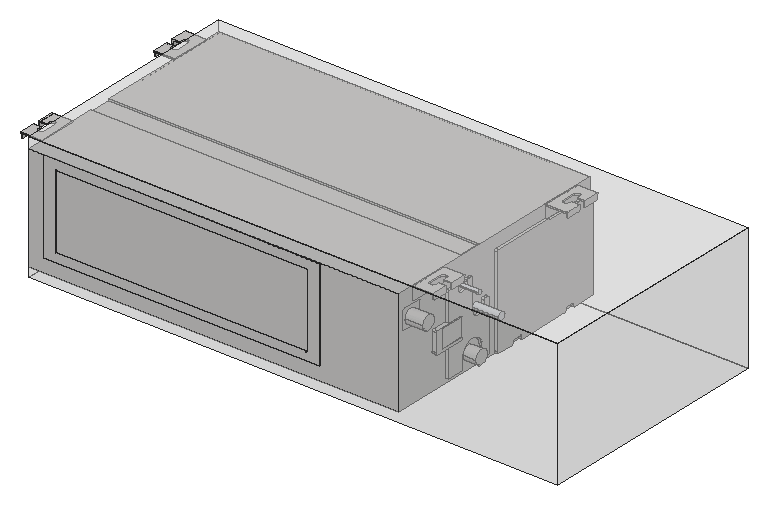
Revit family "outputfile", category 機械設備, Revit 2024
Family settings
  丸型コネクタ寸法 = 半径を使用
  パーツ タイプ = 標準
  OmniClass 番号 = 23.75.10.24.21.27.27
  OmniClass タイトル = Split System Air Conditioning Units
  作業面ベース = いいえ
  常に垂直 = はい
  ロード時にボイドで切り取り = いいえ
  注釈の向きを維持 = いいえ
  共有 = いいえ
  部屋計算ポイント = はい
Parameters (values of type "FPDSQ40APVM")
  Description = ""
  製造元 = "Daikin"
  書き出し IFC クラス(タイプ) = "IfcUnitaryEquipmentType"
  定義済み IFC タイプ(タイプ) = "AIRCONDITIONINGUNIT"
  Cost = 0
  モデル = "FPDSQ40APVM"
  Type Comments = ""
  Keynote = ""
  Type Image = (empty or 0)
  Assembly Code = ""
  lw_suctionflange = 36.75 mm  # constant formula
  r_Liquid Pipe Size = Liquid Pipe Size / 2  # 3.2 mm
  r_Gas Pipe Size = Gas Pipe Size / 2  # 6.35 mm
  r_Drain Pipe Size = Drain Pipe Size / 2  # 13.0 mm
  lw_dischargeflange = 60.0 mm  # constant formula
  lw_SA_left = 351.0 mm
  lw_SA = Width - 178.0 mm  # 522.0 mm
  lw_RA = 624.5 mm
  lh_suctionflange [instance] = if(Rear Connection_Return Air, -100.0 mm, -10.0 mm)  # -100.0 mm
  lh_power = 100.0 mm  # constant formula
  lh_mountinghole1 = lh_mountinghole  # 200.0 mm
  lh_dischargeflange = 112.0 mm  # constant formula
  lh_RA = 198.0 mm  # constant formula
  ld_dischargeflange = 225.0 mm  # constant formula
  ld_suctionflange [instance] = if(Rear Connection_Return Air, 190.0 mm, 100.0 mm)  # 190.0 mm
  angle_vertical_RA [instance] = if(Rear Connection_Return Air, 90.00°, 0.00°)  # 90.00°
  angle horizontal_RA [instance] = if(Rear Connection_Return Air, 180.00°, 270.00°)  # 180.00°
  Voltage_comment_60Hz = "220-230"
  Voltage_comment_50Hz = "220 - 240"
  Voltage_60Hz = 220 V
  Voltage_50Hz = 230 V
  URL = ""
  Supply Air Direction [instance] = yes
  Sound Power Level_H speed (dB) = 0
  Rear Connection_Return Air [instance] = not(Bottom Connection_Return Air)  # yes
  ld_RA = 190.0 mm  # constant formula
  Phase_60Hz = 1
  Phase_50Hz = 1
  Minimum External Static Pressure = 0.00 Pa
  Minimum Circuit Amps_60Hz = 0.6 A
  Minimum Circuit Amps_50Hz = 0.6 A
  Maximum Fuse Amps_60Hz = 16.0 A
  Maximum Fuse Amps_50Hz = 16.0 A
  Maximum External Static Pressure = 10.00 Pa
  Material_Casing = DAIKIN_GalvanizedSteel_Casing_indoorunit
  lw_mountinghole = 740.0 mm
  lh_gaspipe = -98.0 mm  # constant formula
  lh_mountinghole = 200.0 mm  # constant formula
  lh_liquidpipe = -45.5 mm  # constant formula
  lh_drainpipe = -50.0 mm  # constant formula
  lh_antena = 1.0 mm  # constant formula
  ld_drainpipe = 197.0 mm  # constant formula
  ld_liquidpipe = 84.0 mm  # constant formula
  ld_gaspipe = 46.5 mm  # constant formula
  ld_mountinghole = 315.0 mm  # constant formula
  h*** = 100.0 mm  # constant formula
  lw_liquidpipe = 40.0 mm  # constant formula
  lw_gaspipe = 51.0 mm  # constant formula
  lw_drainpipe = 33.0 mm  # constant formula
  Width = 700.0 mm
  Version = "ver.1.0"
  Unit Type = "Intelligent 3D Air Flow Ceiling Mounted Duct Type"
  Unit Mass Weight = 17.00 kg
  Unit Designation [instance] = ""
  Uniclass2015Version = "Products v1.30"
  Uniclass2015Title = "Variable refrigerant flow units"
  Uniclass2015Code = "Pr_70_65_03_94"
  Total Cooling Capacity [instance] = 0.000 kW
  Sound Pressure Level_M speed (dBA) = 35
  Sound Pressure Level_L speed (dBA) = 31
  Sound Pressure Level_H speed (dBA) = 39
  Series = "VRV HOME_Fan Coil Unit"
  Sensible Cooling Capacity [instance] = 0.000 kW
  SA Duct Size Width = 456.0 mm
  SA Duct Size Height = 141.0 mm
  Refrigerant Type = "R410A"
  RA Duct Size Width = 598.5 mm
  RA Duct Size Height = 172.0 mm
  Power Input (Cooling) = 0.049 kW
  Option Accessory 3 [instance] = ""
  Option Accessory 2 [instance] = ""
  Option Accessory 1 [instance] = ""
  Nominal Cooling Capacity = 4.500 kW
  Minimum Airflow = 540.00 m³/h
  Median Airflow = 630.00 m³/h
  Maximum Airflow = 720.00 m³/h
  Load Classification = HVAC
  Liquid Pipe Size = 6.4 mm
  Link_Nested Family [instance] = ""
  IfcVersion = ""
  IfcExportType = "AIRCONDITIONINGUNIT"
  IfcExportAs = "IfcUnitaryEquipmentType"
  Height = 200.0 mm
  Heat Exchanger Type = "Cross Fin Coil"
  Gas Pipe Size = 12.7 mm
  Frequency_60Hz = 60 Hz
  Frequency_50Hz = 50 Hz
  Fan Type = "Sirocco Fan"
  Fan Drive = "Direct Drive"
  FCU Tag No. [instance] = ""
  Drain Pipe Size = 26.0 mm
  Design Supply Airflow [instance] = 0.00 m³/h
  Design Return Airflow [instance] = 0.00 m³/h
  Design External Static Pressure [instance] = 0.00 Pa
  Depth = 450.0 mm
  既定の高さ = 0.0 mm
  Cooling Entering Wet Bulb Temperature [instance] = 0.00 °C
  Cooling Entering Dry Bulb Temperature [instance] = 0.00 °C
  Cooling Ambient Wet Bulb Temperature [instance] = 0.00 °C
  Cooling Ambient Dry Bulb Temperature [instance] = 0.00 °C
  Clearance visibility [instance] = yes
  Clearance Top = 20.0 mm
  Clearance Right = 300.0 mm
  Clearance Rear = 0.0 mm
  Clearance Left = 0.0 mm
  Clearance Front = 0.0 mm
  Clearance Bottom = 20.0 mm
  Bottom Connection_Return Air [instance] = no
  left_pipe = no
Reference planes
  plane 1 "Center (Front/Back)": y = 0
  plane 2 "h": z = 0
  plane 3 "Center (Left/Right)": x = 0
  plane 4 "Back": y = 225
  plane 5 "Front": y = -225
  plane 6 "Left": x = -350
  plane 7 "Reight": x = 350
  plane 8 "Top": z = 0
  plane 9 "Bottom": z = -200
  plane 10: z = 1.2
  plane 11: z = -2
  plane 12: y = -136.255
  plane 13: z = -130.998
  plane 14: y = -88.831
  plane 15: x = -370
  plane 16 "lh_mountinghole": z = 0
  plane 17: y = -197
  plane 18: z = -50
  plane 19: y = -157.5
  plane 20: y = 157.5
  plane 21 "ld_liquidpipe": y = -84
  plane 22 "ld_gaspipe": y = -46.5
  plane 23: y = -215
  plane 24 "ld_maintenacesocket": y = -197
  plane 25: x = -370
  plane 26: x = -350
  plane 27: x = 348.7
  plane 28: x = 383
  plane 29: x = 357
  plane 30: x = 360
  plane 31: x = 358
  plane 32: x = 370
  plane 33: y = -62
  plane 34: x = 375.5
  plane 35: x = 348
  plane 36: y = 225
  plane 37: y = -225
  plane 38: x = -350
  plane 39: x = 650
  plane 40: z = 20
  plane 41: z = -220
  plane 42: y = 250
  plane 43: z = -198
  plane 44: z = 205.102
  plane 45 "d_liquid_pipe": x = 390
  plane 46 "d_gas_pipe": x = 401
  plane 47 "ld_SA": y = -225
  plane 48: x = -350
  plane 49: x = -60
  plane 50: y = 415
  plane 51: z = -88
  plane 52: z = -189.5
  plane 53: x = -349
  plane 54: z = -199
  plane 55: z = -1
  plane 56: y = 35
  plane 57: y = 25
  plane 58: z = -10
  plane 59 "RA_width": x = -36.75
  plane 60: y = 125
  plane 61 "RA_depth": y = 35
  plane 62: z = -100
  plane 63: x = -349
  plane 64: y = 224
  plane 65: x = 242.57
  plane 66: z = -31.16
  plane 67: x = 302
  plane 68: y = 158.8
  plane 69 "h86.5": z = -113.5
  plane 70: y = 111
Forms (mm)
  Extrusion 1, solid, material "DAIKIN_GalvanizedSteel_Casing_indoorunit" <- "Material_Casing"
    sketch origin (0, 0, 0) x (1, 0, 0) y (0, 1, 0)
      loop
        line (-350, 225) -> (-350, -225) -> (350, -225) -> (350, 225) -> (-350, 225)
    from -200 to 0
  Extrusion 2, solid, material "DAIKIN_GalvanizedSteel_Casing_indoorunit" <- "Material_Casing"
    sketch origin (0, 0.312, 0) x (0, 1, 0) y (0, 0, 1)
      loop
        line (182.791, -198) -> (224.688, -198) -> (224.688, -22.445) -> (195.656, -22.445) -> (192.165, -25.937) -> (122.336, -25.937) -> (118.844, -22.445) -> (1.633, -22.445)
        arc (1.633, -22.445) -> (-0.483, -23.322) -> (-1.36, -25.438) r 2.993
        line (-1.36, -25.438) -> (-1.36, -195.007)
        arc (-1.36, -195.007) -> (-0.483, -197.123) -> (1.633, -198) r 2.993
        line (1.633, -198) -> (31.061, -198)
        arc (31.061, -198) -> (33.177, -197.124) -> (34.053, -195.008) r 2.992
        line (34.053, -195.008) -> (34.053, -188.29)
        arc (34.053, -188.29) -> (35.55, -186.794) -> (37.046, -188.29) r 1.496
        line (37.046, -188.29) -> (37.046, -190.333) -> (52.01, -190.333) -> (52.01, -188.29)
        arc (52.01, -188.29) -> (53.506, -186.794) -> (55.002, -188.29) r 1.496
        line (55.002, -188.29) -> (55.002, -195.007)
        arc (55.002, -195.007) -> (55.879, -197.123) -> (57.995, -198) r 2.993
        line (57.995, -198) -> (155.756, -198)
        arc (155.756, -198) -> (157.872, -197.123) -> (158.749, -195.007) r 2.993
        line (158.749, -195.007) -> (158.749, -188.29)
        arc (158.749, -188.29) -> (160.245, -186.794) -> (161.741, -188.29) r 1.496
        line (161.741, -188.29) -> (161.741, -190.333) -> (176.705, -190.333) -> (176.705, -188.29)
        arc (176.705, -188.29) -> (178.201, -186.794) -> (179.697, -188.29) r 1.496
        line (179.697, -188.29) -> (179.697, -195.005)
        arc (179.697, -195.005) -> (180.571, -197.115) -> (182.682, -197.989) r 2.984
      loop
        arc (-61.313, -42.952) -> (-62.034, -41.571) -> (-63.466, -40.958) r 2.32
        line (-63.466, -40.958) -> (-70.317, -40.958)
        arc (-70.317, -40.958) -> (-71.728, -41.542) -> (-72.313, -42.953) r 1.995
        line (-72.313, -42.953) -> (-72.313, -45.5)
        arc (-72.313, -45.5) -> (-84.313, -57.5) -> (-96.313, -45.5) r 12
        line (-96.313, -45.5) -> (-96.313, -42.953)
        arc (-96.313, -42.953) -> (-96.897, -41.542) -> (-98.308, -40.958) r 1.995
        line (-98.308, -40.958) -> (-115.14, -40.958)
        arc (-115.14, -40.958) -> (-116.551, -41.542) -> (-117.135, -42.953) r 1.995
        line (-117.135, -42.953) -> (-117.135, -189.5) -> (-22.307, -189.5) -> (-22.307, -92.768)
        arc (-22.307, -92.768) -> (-22.891, -91.358) -> (-24.302, -90.773) r 1.995
        line (-24.302, -90.773) -> (-30.318, -90.773)
        arc (-30.318, -90.773) -> (-31.728, -91.358) -> (-32.313, -92.768) r 1.995
        line (-32.313, -92.768) -> (-32.313, -99.963)
        arc (-32.313, -99.963) -> (-47.621, -112.774) -> (-61.313, -98.249) r 14.551
        line (-61.313, -98.249) -> (-61.313, -42.952)
    from 350 to 357
  Extrusion 3, solid, material "DAIKIN_GalvanizedSteel_Casing_indoorunit" <- "Material_Casing"
    sketch origin (0, 0, 0) x (0, 1, 0) y (0, 0, 1)
      loop
        line (-91.821, -94.277) -> (-145.472, -94.277)
        arc (-145.472, -94.277) -> (-147.727, -95.07) -> (-148.682, -97.262) r 2.993
        line (-148.682, -97.262) -> (-148.682, -131.007)
        arc (-148.682, -131.007) -> (-147.871, -133.233) -> (-145.694, -134.172) r 2.993
        line (-145.694, -134.172) -> (-92.043, -134.172)
        arc (-92.043, -134.172) -> (-89.788, -133.378) -> (-88.833, -131.187) r 2.993
        line (-88.833, -131.187) -> (-88.831, -97.148)
        arc (-88.831, -97.148) -> (-89.748, -95.111) -> (-91.821, -94.277) r 2.993
    from 350 to 360
  Extrusion 4, void
    sketch origin (0, 0, 0) x (1, 0, 0) y (0, 1, 0)
      loop
        line (348.7, -35.647) -> (-350, -35.647) -> (-350, -77.912) -> (348.7, -77.912) -> (348.7, -35.647)
    from -2 to 0
  Extrusion 5, void
    sketch origin (0, 0, 0) x (0, 1, 0) y (0, 0, 1)
      loop
        line (-136.255, -95.719) -> (-136.255, -130.724) -> (-88.831, -130.724) -> (-88.831, -95.719) -> (-136.255, -95.719)
    from 358 to 360
  Extrusion 6, void
    sketch origin (0, 0, 29.537) x (0, 1, 0) y (0, 0, 1)
      loop
        arc (-37.558, -199.001) -> (-61.998, -174.561) -> (-86.438, -199.001) r 24.44
        line (-86.438, -199.001) -> (-86.438, -219.037) -> (-37.558, -219.037) -> (-37.558, -199.001)
    from 357 to 350
  Extrusion 7, solid, material "DAIKIN_GalvanizedSteel_Casing_indoorunit" <- "Material_Casing"
    sketch origin (0, 0, 0) x (0, 1, 0) y (0, 0, 1)
      loop
        circle (-62, -170) r 12.968
    from 350 to 375.5
  Extrusion 8, solid, material "DAIKIN_GalvanizedSteel_Casing_indoorunit" <- "Material_Casing"
    sketch origin (0, 0, 0) x (0, 1, 0) y (0, 0, 1)
      loop
        circle (-197, -50) r 13
    from 348 to 383
  Extrusion 9, void
    sketch origin (0, 0, 0) x (0, 1, 0) y (0, 0, 1)
      loop
        arc (-212.961, -29.051) -> (-216.488, -30.512) -> (-217.949, -34.039) r 4.988
        line (-217.949, -34.039) -> (-217.949, -63.961)
        arc (-217.949, -63.961) -> (-216.488, -67.488) -> (-212.961, -68.949) r 4.988
        line (-212.961, -68.949) -> (-181.039, -68.949)
        arc (-181.039, -68.949) -> (-177.512, -67.488) -> (-176.051, -63.961) r 4.988
        line (-176.051, -63.961) -> (-176.051, -34.039)
        arc (-176.051, -34.039) -> (-177.512, -30.512) -> (-181.039, -29.051) r 4.988
        line (-181.039, -29.051) -> (-212.961, -29.051)
    from 348 to 350
  Extrusion 10, solid
    sketch origin (0, 0, 0) x (0, 1, 0) y (0, 0, 1)
      loop
        circle (-84, -45.5) r 3.2
    from 350 to 390
  Extrusion 11, solid
    sketch origin (0, 0, 0) x (0, 1, 0) y (0, 0, 1)
      loop
        circle (-46.5, -98) r 6.35
    from 350 to 401
  Extrusion 12, solid, material "DAIKIN_GalvanizedSteel_Casing_indoorunit" <- "Material_Casing"
    sketch origin (0, 0, 0) x (1, 0, 0) y (0, 1, 0)
      loop
        circle (302, 158.8) r 25
    from -198 to -200
  Extrusion 13, void
    sketch origin (0, 0, 0) x (1, 0, 0) y (0, 0, 1)
      loop
        line (-349, -1) -> (-349, -199) -> (262.5, -199) -> (262.5, -1) -> (-349, -1)
    from -225 to -35
  Extrusion 14, void
    sketch origin (0, 0, 0) x (1, 0, 0) y (0, 1, 0)
      loop
        line (-349, 224) -> (-349, 26) -> (262.5, 26) -> (262.5, 224) -> (-349, 224)
    from -200 to -10
  Extrusion 15, solid, material "DAIKIN_GalvanizedSteel_Casing_indoorunit" <- "Material_Casing", visible <- "Rear Connection_Return Air"
    sketch origin (0, 0, 0) x (1, 0, 0) y (0, 1, 0)
      loop
        line (262.5, 224) -> (-349, 224) -> (-349, 26) -> (262.5, 26) -> (262.5, 224)
    from -200 to -199
  Extrusion 16, solid, material "DAIKIN_GalvanizedSteel_Casing_indoorunit" <- "Material_Casing", visible <- "Bottom Connection_Return Air"
    sketch origin (0, 0, 0) x (1, 0, 0) y (0, 0, 1)
      loop
        line (262.5, -1) -> (-349, -1) -> (-349, -199) -> (262.5, -199) -> (262.5, -1)
    from -225 to -215
  Extrusion 17, void
    sketch origin (-350, 0, 0) x (0, 1, 0) y (0, 0, 1)
      loop
        line (152, -88.5) -> (70, -88.5) -> (70, -138.5) -> (152, -138.5) -> (152, -88.5)
    from 0 to 0.5
  Revolve 18, solid, material "DAIKIN_GalvanizedSteel_Casing_indoorunit" <- "Material_Casing", visible <- "left_pipe"
    sketch origin (0, 0, -113.5) x (0, 1, 0) y (-1, 0, 0)
      loop
        line (111, 349.5) -> (111, 373) -> (103.5, 373) -> (103.5, 359) -> (93.5, 359) -> (93.5, 357.5) -> (90, 357.5) -> (90, 349.5) -> (111, 349.5)
      axis (111, 373) -> (111, 349.5)
    angle from 0 to 360
Cuts and joins
  Extrusion 4, Extrusion 5, Extrusion 9, Extrusion 13, Extrusion 14, Extrusion 17 cuts Extrusion 1
  Extrusion 5 cuts Extrusion 3
  Extrusion 6 cuts Extrusion 2
  Extrusion 13 cuts Extrusion 8
Dimensions and locks
  "Height": plane 8 "Top" to plane 9 "Bottom"
  locked: plane 10 to plane 8 "Top" at 1.2
  locked: plane 8 "Top" to plane 11 at 2
  locked: Extrusion 6 sketch curve to Extrusion 6 sketch curve at 48.881
  locked: Extrusion 6 sketch curve to Extrusion 6 sketch curve at 20.035  (x2)
  equal spacing: plane 19, plane 1 "Center (Front/Back)", plane 20
  "ld_mountinghole": plane 19 to plane 20
  "ld_gaspipe": plane 22 "ld_gaspipe" to plane 1 "Center (Front/Back)"
  "ld_liquidpipe": plane 21 "ld_liquidpipe" to plane 1 "Center (Front/Back)"
  "ld_drainpipe": plane 24 "ld_maintenacesocket" to plane 1 "Center (Front/Back)"
  equal spacing: plane 4 "Back", plane 1 "Center (Front/Back)", plane 5 "Front"
  "Depth": plane 4 "Back" to plane 5 "Front"
  locked: plane 12 to plane 1 "Center (Front/Back)" at 136.255
  locked: plane 12 to plane 14 at 47.425
  locked: plane 14 to plane 1 "Center (Front/Back)" at 88.831
  locked: plane 13 to plane 9 "Bottom" at 69.002
  equal spacing: plane 6 "Left", plane 3 "Center (Left/Right)", plane 7 "Reight"
  "Width": plane 6 "Left" to plane 7 "Reight"
  "lw_drainpipe": plane 7 "Reight" to plane 28
  locked: plane 7 "Reight" to plane 29 at 7
  locked: plane 30 to plane 28 at 23
  locked: plane 31 to plane 28 at 25
  equal spacing: plane 25, plane 3 "Center (Left/Right)", plane 32
  "lw_mountinghole": plane 25 to plane 32
  locked: plane 7 "Reight" to plane 34 at 25.5
  locked: plane 35 to plane 7 "Reight" at 2
  "Clearance Left": plane 38 to plane 6 "Left"
  "Clearance Right": plane 7 "Reight" to plane 39
  "Clearance Rear": plane 36 to plane 4 "Back"
  "Clearance Front": plane 5 "Front" to plane 37
  "Clearance Top": plane 40 to plane 8 "Top"
  "Clearance Bottom": plane 9 "Bottom" to plane 41
  locked: plane 42 to plane 4 "Back" at 25
  locked: plane 27 to plane 7 "Reight" at 1.3
  locked: plane 43 to plane 9 "Bottom" at 2
  "lw_liquidpipe": plane 7 "Reight" to plane 45 "d_liquid_pipe"
  "lw_gaspipe": plane 7 "Reight" to plane 46 "d_gas_pipe"
  "lh_mountinghole": plane 16 "lh_mountinghole" to plane 9 "Bottom"
  "ld_suctionflange": plane 50 to plane 4 "Back"
  "lw_dischargeflange": plane 49 to plane 3 "Center (Left/Right)"
  "lh_dischargeflange": plane 51 to plane 9 "Bottom"
  locked: plane 52 to plane 9 "Bottom" at 10.5
  locked: plane 33 to plane 1 "Center (Front/Back)" at 62
  locked: plane 8 "Top" to plane 55 at 1
  locked: plane 53 to plane 6 "Left" at 1
  locked: plane 54 to plane 9 "Bottom" at 1
  locked: plane 58 to plane 9 "Bottom" at 190
  locked: plane 4 "Back" to plane 56 at 190
  locked: plane 4 "Back" to plane 57 at 200
  locked: plane 4 "Back" to plane 60 at 100
  "lw_suctionflange": plane 59 "RA_width" to plane 3 "Center (Left/Right)"
  "ld_suctionflange": plane 4 "Back" to plane 61 "RA_depth"
  "lh_power": plane 62 to plane 9 "Bottom"
  locked: plane 48 to plane 63 at 1
  locked: plane 36 to plane 64 at 1
  locked: plane 8 "Top" to plane 66 at 31.16
  locked: plane 7 "Reight" to plane 65 at 107.43
  locked: plane 18 to plane 9 "Bottom" at 150
  locked: plane 67 to plane 7 "Reight" at 48
  locked: Extrusion 17 sketch curve to Extrusion 17 sketch curve at 82
  locked: Extrusion 17 sketch curve to Extrusion 17 sketch curve at 50
  locked: plane 4 "Back" to Extrusion 17 sketch curve at 73
  locked: Extrusion 17 sketch curve to plane 9 "Bottom" at 61.5
  locked: plane 69 "h86.5" to plane 9 "Bottom" at 86.5
  locked: plane 4 "Back" to plane 70 at 114
  locked: plane 70 to Revolve 18 sketch curve at 21
  locked: plane 70 to Revolve 18 sketch curve at 17.5
  locked: plane 70 to Revolve 18 sketch curve at 7.5
  locked: Revolve 18 sketch curve to plane 6 "Left" at 23
  cut or joined group of Extrusion 1, Extrusion 4, Extrusion 5, Extrusion 9, Extrusion 13, Extrusion 14, Extrusion 17 to nested 16 = 598.5 mm
  nested 16 to nested 9 = 14.0 mm
  nested 16 to cut or joined group of Extrusion 1, Extrusion 4, Extrusion 5, Extrusion 9, Extrusion 13, Extrusion 14, Extrusion 17 = 13.0 mm
  "ld_dischargeflange": plane 47 "ld_SA" to plane 1 "Center (Front/Back)"
  plane 4 "Back" to plane 68 = 66.2 mm
  "Drain Pipe Size": diameter of Extrusion 8 sketch curve
  "Liquid Pipe Size": diameter of Extrusion 10 sketch curve
  "Gas Pipe Size": diameter of Extrusion 11 sketch curve
  aligned and locked: level to plane 2 "h"
  aligned and locked: plane 8 "Top" to Extrusion 1
  aligned and locked: Extrusion 1 to plane 9 "Bottom"
  aligned and locked: cut or joined group of Extrusion 1, Extrusion 4, Extrusion 5, Extrusion 9, Extrusion 13, Extrusion 14, Extrusion 17 to plane 8 "Top"
  aligned and locked: Extrusion 4 to plane 11
  aligned and locked: plane 8 "Top" to Extrusion 4
  aligned and locked: Extrusion 3 to Extrusion 5
  aligned and locked: plane 14 to Extrusion 5 sketch curve
  aligned and locked: Extrusion 5 sketch curve to plane 12
  aligned and locked: plane 19 to nested 1
  aligned and locked: nested 3 to plane 19
  aligned and locked: nested 2 to plane 20
  aligned and locked: nested 4 to plane 22 "ld_gaspipe"
  aligned and locked: nested 5 to plane 21 "ld_liquidpipe"
  aligned and locked: nested 6 to plane 24 "ld_maintenacesocket"
  aligned and locked: plane 4 "Back" to cut or joined group of Extrusion 2, Extrusion 6
  aligned and locked: nested 1 to plane 7 "Reight"
  aligned and locked: plane 6 "Left" to plane 26
  aligned and locked: Extrusion 4 sketch curve to plane 26
  aligned and locked: Extrusion 4 sketch curve to plane 27
  aligned and locked: cut or joined group of Extrusion 1, Extrusion 4, Extrusion 5, Extrusion 9, Extrusion 13, Extrusion 14, Extrusion 17 to plane 6 "Left"
  aligned and locked: plane 7 "Reight" to cut or joined group of Extrusion 1, Extrusion 4, Extrusion 5, Extrusion 9, Extrusion 13, Extrusion 14, Extrusion 17
  aligned and locked: plane 28 to Extrusion 8
  aligned and locked: Extrusion 8 to plane 28  (x2)
  aligned and locked: cut or joined group of Extrusion 2, Extrusion 6 to plane 29
  aligned and locked: plane 29 to cut or joined group of Extrusion 2, Extrusion 6  (x3)
  aligned and locked: plane 7 "Reight" to nested 1
  aligned and locked: cut or joined group of Extrusion 2, Extrusion 6 to plane 7 "Reight"
  aligned and locked: Extrusion 2 to Extrusion 6
  aligned and locked: Extrusion 6 to plane 7 "Reight"
  aligned and locked: plane 30 to cut or joined group of Extrusion 3, Extrusion 5
  aligned and locked: cut or joined group of Extrusion 3, Extrusion 5 to plane 31
  aligned and locked: nested 2 to plane 6 "Left"
  aligned and locked: nested 3 to plane 6 "Left"
  aligned and locked: plane 33 to Extrusion 7 sketch curve
  aligned and locked: Extrusion 7 to plane 7 "Reight"
  aligned and locked: plane 34 to Extrusion 7
  aligned and locked: Extrusion 3 to plane 7 "Reight"
  aligned and locked: plane 7 "Reight" to Extrusion 9
  aligned and locked: plane 35 to Extrusion 9
  aligned and locked: plane 35 to Extrusion 8
  aligned and locked: plane 20 to nested 7
  aligned and locked: plane 3 "Center (Left/Right)" to nested 8
  aligned and locked: plane 1 "Center (Front/Back)" to nested 8
  aligned and locked: plane 7 "Reight" to nested 7
  aligned and locked: plane 4 "Back" to cut or joined group of Extrusion 1, Extrusion 4, Extrusion 5, Extrusion 9, Extrusion 13, Extrusion 14, Extrusion 17
  aligned and locked: nested 9 to plane 37
  aligned and locked: plane 38 to nested 9
  aligned and locked: plane 39 to nested 9
  aligned and locked: nested 9 to plane 38
  aligned and locked: plane 36 to nested 9
  aligned and locked: plane 40 to nested 9
  aligned and locked: plane 41 to nested 9
  aligned and locked: cut or joined group of Extrusion 1, Extrusion 4, Extrusion 5, Extrusion 9, Extrusion 13, Extrusion 14, Extrusion 17 to plane 9 "Bottom"
  aligned and locked: Extrusion 10 to plane 7 "Reight"
  aligned and locked: plane 45 "d_liquid_pipe" to Extrusion 10
  aligned and locked: plane 22 "ld_gaspipe" to Extrusion 11 sketch curve
  aligned and locked: Extrusion 11 to plane 7 "Reight"
  aligned and locked: plane 46 "d_gas_pipe" to Extrusion 11
  aligned and locked: plane 46 "d_gas_pipe" to nested 4
  aligned and locked: plane 45 "d_liquid_pipe" to nested 5
  aligned and locked: plane 21 "ld_liquidpipe" to Extrusion 10 sketch curve
  aligned and locked: plane 16 "lh_mountinghole" to nested 3
  aligned and locked: plane 16 "lh_mountinghole" to nested 2
  aligned and locked: plane 16 "lh_mountinghole" to nested 1
  aligned and locked: plane 16 "lh_mountinghole" to nested 7
  aligned and locked: plane 32 to nested 10
  aligned and locked: plane 19 to nested 10
  aligned and locked: plane 32 to nested 13
  aligned and locked: plane 20 to nested 13
  aligned and locked: plane 25 to nested 11
  aligned and locked: plane 20 to nested 11
  aligned and locked: plane 25 to nested 12
  aligned and locked: plane 19 to nested 12
  aligned and locked: plane 49 to nested 14
  aligned and locked: plane 51 to nested 14
  aligned and locked: plane 20 to nested 15
  aligned and locked: plane 52 to Extrusion 2 sketch curve
  aligned and locked: cut or joined group of Extrusion 2, Extrusion 6 to Extrusion 12
  aligned and locked: Extrusion 12 to plane 9 "Bottom"
  aligned and locked: nested 15 to plane 9 "Bottom"
  aligned and locked: Extrusion 2 sketch curve to plane 43  (x3)
  aligned and locked: plane 53 to Extrusion 13 sketch curve
  aligned and locked: Extrusion 13 sketch curve to plane 55
  aligned and locked: plane 54 to Extrusion 13 sketch curve
  aligned and locked: plane 4 "Back" to Extrusion 13
  aligned and locked: nested 16 to cut or joined group of Extrusion 1, Extrusion 4, Extrusion 5, Extrusion 9, Extrusion 13, Extrusion 14, Extrusion 17
  aligned and locked: Extrusion 14 to plane 9 "Bottom"
  aligned and locked: plane 58 to Extrusion 14
  aligned and locked: Extrusion 15 sketch curve to cut or joined group of Extrusion 1, Extrusion 4, Extrusion 5, Extrusion 9, Extrusion 13, Extrusion 14, Extrusion 17  (x2)
  aligned and locked: cut or joined group of Extrusion 1, Extrusion 4, Extrusion 5, Extrusion 9, Extrusion 13, Extrusion 14, Extrusion 17 to Extrusion 15 sketch curve
  aligned and locked: Extrusion 15 to plane 9 "Bottom"
  aligned and locked: Extrusion 13 to plane 56
  aligned and locked: Extrusion 16 sketch curve to cut or joined group of Extrusion 1, Extrusion 4, Extrusion 5, Extrusion 9, Extrusion 13, Extrusion 14, Extrusion 17  (x3)
  aligned and locked: plane 4 "Back" to Extrusion 16
  aligned and locked: Extrusion 15 to cut or joined group of Extrusion 1, Extrusion 4, Extrusion 5, Extrusion 9, Extrusion 13, Extrusion 14, Extrusion 17
  aligned and locked: plane 7 "Reight" to nested 6
  aligned and locked: plane 24 "ld_maintenacesocket" to nested 6
  aligned and locked: plane 61 "RA_depth" to nested 17
  aligned and locked: plane 67 to Extrusion 12 sketch curve
  aligned and locked: plane 68 to Extrusion 12 sketch curve
  aligned and locked: plane 67 to nested 15
  aligned and locked: nested 18 to Extrusion 16
  aligned and locked: plane 70 to Revolve 18 sketch curve
  aligned and locked: plane 49 to nested 19
  aligned and locked: plane 47 "ld_SA" to nested 19
  aligned and locked: plane 1 "Center (Front/Back)" to nested 14
  aligned and locked: nested 19 to plane 51
Automatic sketch dimensions
  Extrusion 3 sketch curve to Extrusion 3 sketch curve = 0.217 mm  (x2)
  Extrusion 3 sketch curve to Extrusion 3 sketch curve = 2.985 mm  (x2)
  Extrusion 3 sketch curve to Extrusion 3 sketch curve = 53.651 mm
  Extrusion 3 sketch curve to Extrusion 3 sketch curve = 2.988 mm
  Extrusion 3 sketch curve to Extrusion 3 sketch curve = 0.172 mm
  Extrusion 3 sketch curve to Extrusion 3 sketch curve = 0.222 mm
  Extrusion 3 sketch curve to Extrusion 3 sketch curve = 2.993 mm
  Extrusion 3 sketch curve to Extrusion 3 sketch curve = 0.008 mm
  plane 1 "Center (Front/Back)" to Extrusion 4 sketch curve = 77.912 mm
  plane 1 "Center (Front/Back)" to Extrusion 4 sketch curve = 35.647 mm
  plane 9 "Bottom" to Extrusion 7 sketch curve = 30.0 mm
  Extrusion 3 sketch curve to Extrusion 3 sketch curve = 2.99 mm
  plane 9 "Bottom" to Extrusion 3 sketch curve = 65.828 mm
  Extrusion 3 sketch curve to Extrusion 3 sketch curve = 33.917 mm
  Extrusion 3 sketch curve to Extrusion 3 sketch curve = 33.745 mm
  Extrusion 3 sketch curve to plane 19 = 8.818 mm
  plane 23 to Extrusion 1 sketch curve = 10.0 mm
  Extrusion 1 sketch curve to plane 6 "Left" = 0.0 mm
  Extrusion 1 sketch curve to plane 7 "Reight" = 0.0 mm
  plane 23 to Extrusion 9 sketch curve = 2.949 mm
  Extrusion 9 sketch curve to plane 23 = 2.039 mm  (x2)
  Extrusion 9 sketch curve to plane 24 "ld_maintenacesocket" = 15.961 mm
  Extrusion 9 sketch curve to Extrusion 9 sketch curve = 4.988 mm  (x2)
  Extrusion 1 sketch curve to plane 4 "Back" = 0.0 mm
  plane 21 "ld_liquidpipe" to Extrusion 6 sketch curve = 2.438 mm
  plane 43 to Extrusion 6 sketch curve = 8.5 mm
  plane 6 "Left" to Extrusion 14 sketch curve = 1.0 mm
  Extrusion 14 sketch curve to plane 7 "Reight" = 87.5 mm
  Extrusion 14 sketch curve to plane 4 "Back" = 1.0 mm
  Extrusion 15 sketch curve to plane 4 "Back" = 1.0 mm
  plane 51 to Extrusion 5 sketch curve = 7.719 mm
  Extrusion 9 sketch curve to plane 51 = 19.051 mm
  Extrusion 9 sketch curve to plane 58 = 24.039 mm
  Extrusion 10 sketch curve to plane 58 = 35.5 mm
  plane 35 to Extrusion 16 sketch curve = 85.5 mm
  plane 35 to Extrusion 13 sketch curve = 85.5 mm
  plane 57 to Extrusion 14 sketch curve = 1.0 mm
  Extrusion 8 sketch curve to plane 17 = 0.0 mm
  Extrusion 8 sketch curve to plane 18 = 0.0 mm
  plane 62 to Extrusion 11 sketch curve = 2.0 mm
  plane 13 to Extrusion 5 sketch curve = 0.274 mm
  Revolve 18 sketch curve to plane 70 = 0.0 mm
  plane 6 "Left" to Revolve 18 sketch curve = 0.5 mm
  Revolve 18 sketch curve to Revolve 18 sketch curve = 24.26 mm
  Revolve 18 sketch curve to Revolve 18 sketch curve = 20.32 mm
  Extrusion 2 sketch curve to plane 4 "Back" = 0.0 mm
  plane 66 to Extrusion 2 sketch curve = 5.223 mm
  Extrusion 2 sketch curve to plane 4 "Back" = 32.523 mm
  plane 43 to Extrusion 2 sketch curve = 2.995 mm
  Extrusion 2 sketch curve to plane 20 = 25.494 mm
  plane 52 to Extrusion 2 sketch curve = 1.21 mm  (x4)
  Extrusion 2 sketch curve to Extrusion 2 sketch curve = 2.984 mm
  Extrusion 2 sketch curve to Extrusion 2 sketch curve = 1.496 mm  (x3)
  Extrusion 2 sketch curve to plane 52 = 0.833 mm  (x2)
  Extrusion 2 sketch curve to plane 20 = 4.554 mm
  plane 20 to Extrusion 2 sketch curve = 1.432 mm
  Extrusion 2 sketch curve to plane 60 = 2.352 mm
  Extrusion 2 sketch curve to Extrusion 2 sketch curve = 3.492 mm
  plane 43 to Extrusion 2 sketch curve = 2.993 mm
  plane 56 to Extrusion 2 sketch curve = 23.307 mm
  plane 56 to Extrusion 2 sketch curve = 2.359 mm
  plane 56 to Extrusion 2 sketch curve = 0.862 mm
  Extrusion 2 sketch curve to plane 56 = 0.634 mm
  Extrusion 2 sketch curve to Extrusion 2 sketch curve = 2.992 mm
  Extrusion 2 sketch curve to plane 1 "Center (Front/Back)" = 1.945 mm  (x2)
  plane 1 "Center (Front/Back)" to Extrusion 2 sketch curve = 1.047 mm
  Extrusion 2 sketch curve to Extrusion 2 sketch curve = 20.947 mm
  Extrusion 2 sketch curve to Extrusion 2 sketch curve = 1.995 mm  (x4)
  Extrusion 2 sketch curve to Extrusion 2 sketch curve = 6.016 mm
  plane 62 to Extrusion 2 sketch curve = 0.037 mm
  Extrusion 2 sketch curve to plane 22 "ld_gaspipe" = 0.051 mm
  Extrusion 2 sketch curve to plane 66 = 11.792 mm
  Extrusion 2 sketch curve to Extrusion 2 sketch curve = 30.995 mm
  Extrusion 2 sketch curve to Extrusion 2 sketch curve = 2.154 mm
  Extrusion 2 sketch curve to Extrusion 2 sketch curve = 0.144 mm
  Extrusion 2 sketch curve to Extrusion 2 sketch curve = 6.708 mm
  plane 21 "ld_liquidpipe" to Extrusion 2 sketch curve = 0.0 mm
  Extrusion 2 sketch curve to plane 66 = 9.798 mm
  Extrusion 2 sketch curve to Extrusion 2 sketch curve = 16.833 mm
  plane 21 "ld_liquidpipe" to Extrusion 2 sketch curve = 32.823 mm
  plane 51 to Extrusion 2 sketch curve = 4.768 mm
  Extrusion 2 sketch curve to Extrusion 2 sketch curve = 2.547 mm
  Extrusion 2 sketch curve to Extrusion 2 sketch curve = 0.321 mm
  plane 66 to Extrusion 2 sketch curve = 5.722 mm
  Extrusion 2 sketch curve to Extrusion 2 sketch curve = 3.491 mm
  Extrusion 2 sketch curve to Extrusion 2 sketch curve = 0.11 mm
  Extrusion 2 sketch curve to Extrusion 2 sketch curve = 0.0 mm
  plane 66 to Extrusion 2 sketch curve = 8.715 mm
  Revolve 18 sketch curve to Revolve 18 sketch curve = 1.5 mm
  Revolve 18 sketch curve to plane 6 "Left" = 7.5 mm
  radius of Extrusion 7 sketch curve = 12.968 mm
  radius of Extrusion 12 sketch curve = 25.0 mm
Nested families
  nested 1: "daikin_hangerfixture_FPDSQ-APVM" at (350, -157.5, 0), type "daikin_hangerfixture_FPDSQ-APVM"
  nested 2: "daikin_hangerfixture_FPDSQ-APVM" at (-350, 157.5, 0) x (-1, 0, 0) z (0, 0, 1), type "daikin_hangerfixture_FPDSQ-APVM"
  nested 3: "daikin_hangerfixture_FPDSQ-APVM" at (-350, -157.5, 0) x (-1, 0, 0) z (0, 0, 1), type "daikin_hangerfixture_FPDSQ-APVM"
  nested 4: "daikin_connector_rotate2" at (350, -46.5, -98) x (0, 1, 0) z (0, 0, 1), length <- "lw_gaspipe", built-in parameter 1001364 <- "lh_gaspipe", type "daikin_connector_rotate2"
    with radius 6.35 mm, length 51.0 mm, angle_vertical 90.00°
  nested 5: "daikin_connector_rotate2" at (350, -84, -45.5) x (0, 1, 0) z (0, 0, 1), length <- "lw_liquidpipe", built-in parameter 1001364 <- "lh_liquidpipe", type "daikin_connector_rotate2"
    with radius 3.2 mm, length 40.0 mm, angle_vertical 90.00°
  nested 6: "daikin_connector_rotate2" at (350, -197, -50) x (0, 1, 0) z (0, 0, 1), length <- "lw_drainpipe", built-in parameter 1001364 <- "lh_drainpipe", type "daikin_connector_rotate2"
    with radius 13.0 mm, length 33.0 mm, angle_vertical 90.00°
  nested 7: "daikin_hangerfixture_FPDSQ-APVM" at (350, 157.5, 0), type "daikin_hangerfixture_FPDSQ-APVM"
  nested 8: "daikin_△_symbolicline" at (0, 0, 200), built-in parameter 1001364 <- "Height", visible <- "Supply Air Direction", type "daikin_△_symbolicline"
    with length 200.0 mm
  nested 9: "daikin_clearancespace" at (150, 0, -99.881), visible <- "Clearance visibility", show <- "Clearance visibility", Link_Nested Family <- "Link_Nested Family", type "daikin_clearancespace"
    with width 1000.0 mm, show yes, height 240.0 mm, depth 450.0 mm, Link_Nested Family ""
  nested 10: "daikin_mountinghole" at (370, -157.5, -200), l_antenna <- "lh_antena", Link_Nested Family <- "Link_Nested Family", h_mountinghole <- "lh_mountinghole1", type "daikin_mountinghole"
    with show yes, l_antenna 1.0 mm, h_mountinghole 200.0 mm, Link_Nested Family ""
  nested 11: "daikin_mountinghole" at (-370, 157.5, -200), l_antenna <- "lh_antena", Link_Nested Family <- "Link_Nested Family", h_mountinghole <- "lh_mountinghole1", type "daikin_mountinghole"
    with show yes, l_antenna 1.0 mm, h_mountinghole 200.0 mm, Link_Nested Family ""
  nested 12: "daikin_mountinghole" at (-370, -157.5, -200), l_antenna <- "lh_antena", Link_Nested Family <- "Link_Nested Family", h_mountinghole <- "lh_mountinghole1", type "daikin_mountinghole"
    with show yes, l_antenna 1.0 mm, h_mountinghole 200.0 mm, Link_Nested Family ""
  nested 13: "daikin_mountinghole" at (370, 157.5, -200), l_antenna <- "lh_antena", Link_Nested Family <- "Link_Nested Family", h_mountinghole <- "lh_mountinghole1", type "daikin_mountinghole"
    with show yes, l_antenna 1.0 mm, h_mountinghole 200.0 mm, Link_Nested Family ""
  nested 14: "daikin_connector_rotate2" at (-60, 0, -88), length <- "ld_dischargeflange", type "daikin_connector_rotate2"
    with radius 10.0 mm, length 225.0 mm, angle_vertical 90.00°
  nested 15: "daikin_connector_rotate2" at (302, 157.5, -100) x (1, 0, 0) z (0, -1, 0), length <- "lh_power", type "daikin_connector_rotate2"
    with radius 10.0 mm, length 100.0 mm, angle_vertical 90.00°
  nested 16: "daikin_ductflange_FPDSQ-APVM2" at (-36.75, 225, -199), height <- "lh_RA", width <- "lw_RA", visible <- "Rear Connection_Return Air", type "daikin_ductflange_FPDSQ-APVM2"
    with width 624.5 mm, height 198.0 mm, depth 8.188 mm
  nested 17: "daikin_connector_rotate3" at (-36.75, 35, -100), built-in parameter 1001364 <- "lh_suctionflange", length <- "ld_RA", angle_vertical <- "angle_vertical_RA", angle_horizontal <- "angle horizontal_RA", type "daikin_connector_rotate3"
    with show no, radius 10.0 mm, length 190.0 mm, angle_vertical 90.00°, angle_horizontal 180.00°
  nested 18: "daikin_ductflange_FPDSQ-APVM2" at (-36.75, 26, -200) x (1, 0, 0) z (0, 1, 0), width <- "lw_RA", height <- "lh_RA", visible <- "Bottom Connection_Return Air", type "daikin_ductflange_FPDSQ-APVM2"
    with width 624.5 mm, height 198.0 mm, depth 562.323 mm
  nested 19: "daikin_ductflange_FPDSQ-APVM3" at (-60, -225, -187), height <- "lh_RA", width <- "lw_SA", type "daikin_ductflange_FPDSQ-APVM3"
    with width 522.0 mm, height 198.0 mm, depth 1.0 mm
Connectors
  piping at (401, -46.5, -98), diameter 12.7, driven by "r_Gas Pipe Size"
    settings: on nested 4, index 3, connector inside diameter 609.6 mm, connector length 0.0 mm, flow factor 0, pipe flow 0.00 m³/h, pressure drop 0.0 Pa, fitting loss kfactor 0, connector angle 0.00°, fixture units 0, engagement length 0.0 mm, angle of deflection 0.00°, flow configuration 1, flow direction 2, fitting loss method 0, system type 29, joint type 0, gender type 0, connector reference index -1, connector utility 0, adjustable connector no, is connector primary yes, connector description "Refrigerant Gas Piping"
  piping at (390, -84, -45.5), diameter 6.4, driven by "r_Liquid Pipe Size"
    settings: on nested 5, index 4, connector inside diameter 609.6 mm, connector length 0.0 mm, flow factor 0, pipe flow 0.00 m³/h, pressure drop 0.0 Pa, fitting loss kfactor 0, connector angle 0.00°, fixture units 0, engagement length 0.0 mm, angle of deflection 0.00°, flow configuration 1, flow direction 1, fitting loss method 0, system type 29, joint type 0, gender type 0, connector reference index -1, connector utility 0, adjustable connector no, is connector primary no, connector description "Refrigerant Liquid Piping"
  piping at (383, -197, -50), diameter 26, driven by "r_Drain Pipe Size"
    settings: on nested 6, index 5, connector inside diameter 609.6 mm, connector length 0.0 mm, flow factor 0, pipe flow 0.00 m³/h, pressure drop 0.0 Pa, fitting loss kfactor 0, connector angle 0.00°, fixture units 0, engagement length 0.0 mm, angle of deflection 0.00°, flow configuration 1, flow direction 2, fitting loss method 4, system type 16, joint type 0, gender type 0, connector reference index -1, connector utility 0, adjustable connector no, is connector primary no, connector description "Condensate Drain Piping"
  electrical at (302, 157.5, -200), driven by "Load Classification"
    settings: on nested 15, index 12, voltage 0 V, apparent load 0 VA, apparent load phase1 0 VA, apparent load phase2 0 VA, apparent load phase3 0 VA, power factor 1, load classification "HVAC", number of poles 1, system type 30, power factor state 1, is connector primary yes, connector utility no, sub classification motor no, connector description "Power Supply"
  hvac at (-36.75, 225, -100), driven by "RA Duct Size Height", driven by "RA Duct Size Width"
    settings: on nested 17, index 13, duct flow 0.00 m³/h, flow factor 0, pres drop 0.00 Pa, loss coef 0, conn angle 0.00°, conn width 598.5 mm, conn height 172.0 mm, conn diameter 609.6 mm, duct sys type 2, conn prof type 1, flow config 0, flow direction 1, loss method 4, conn ref index -1, conn util no, is conn primary yes, conn desc "RA Duct"
  hvac at (-60, -225, -88), driven by "SA Duct Size Height", driven by "SA Duct Size Width"
    settings: on nested 14, index 14, duct flow 0.00 m³/h, flow factor 0, pres drop 0.00 Pa, loss coef 0, conn angle 0.00°, conn width 456.0 mm, conn height 141.0 mm, conn diameter 609.6 mm, duct sys type 1, conn prof type 1, flow config 0, flow direction 2, loss method 4, conn ref index -1, conn util no, is conn primary no, conn desc "SA Duct"
Definition of nested family "daikin_hangerfixture_FPDSQ-APVM"
  Parameters (values of type "daikin_hangerfixture_FXDSQ-AVM")
    width = 40.0 mm
    material = none
    height = 25.0 mm
    depth = 75.0 mm
    Default Elevation = 0.0 mm
  Reference planes
    plane 1 "Center (Front/Back)": y = 0
    plane 2: z = 0
    plane 3 "Center (Left/Right)": x = 0
    plane 4: y = 417.146
    plane 5: z = -1.6
    plane 6: z = -65
    plane 7: z = -12
    plane 8: x = 40
    plane 9: y = 37.5
    plane 10: y = -37.5
    plane 11: y = -41
    plane 12: y = 41
    plane 13: z = -25
    plane 14: x = 1.5
    plane 15: x = 14
    plane 16: x = 26
    plane 17: x = 38
  Forms (mm)
    Extrusion 1, solid, material <- "material"
      sketch origin (0, 0, 0) x (1, 0, 0) y (0, 1, 0)
        loop
          line (0, 37.5) -> (0, -37.5) -> (40, -37.5) -> (40, -6.539) -> (26, -6.539) -> (26, -12.19)
          arc (26, -12.19) -> (20, -18.19) -> (14, -12.19) r 6
          line (14, -12.19) -> (14, 12.19)
          arc (14, 12.19) -> (20, 18.19) -> (26, 12.19) r 6
          line (26, 12.19) -> (26, 6.539) -> (40, 6.539) -> (40, 37.5) -> (0, 37.5)
      from -1.6 to 0
    Extrusion 2, solid, material <- "material"
      sketch origin (0, 0, 0) x (0, 1, 0) y (0, 0, 1)
        loop
          line (37.5, -20.411) -> (37.5, 0) -> (-37.5, 0) -> (-37.5, -20.411)
          arc (-37.5, -20.411) -> (-36.156, -23.656) -> (-32.911, -25) r 4.589
          line (-32.911, -25) -> (32.911, -25)
          arc (32.911, -25) -> (36.156, -23.656) -> (37.5, -20.411) r 4.589
      from 0 to 1.5
    Extrusion 3, solid, material <- "material"
      sketch origin (0, 0, 0) x (0, 1, 0) y (0, 0, 1)
        loop
          line (-6.5, 0) -> (-35, 0) -> (-35, -8)
          arc (-35, -8) -> (-34.121, -10.121) -> (-32, -11) r 3
          line (-32, -11) -> (-9.5, -11)
          arc (-9.5, -11) -> (-7.379, -10.121) -> (-6.5, -8) r 3
          line (-6.5, -8) -> (-6.5, 0)
        loop
          line (6.5, 0) -> (6.5, -8)
          arc (6.5, -8) -> (7.379, -10.121) -> (9.5, -11) r 3
          line (9.5, -11) -> (32, -11)
          arc (32, -11) -> (34.121, -10.121) -> (35, -8) r 3
          line (35, -8) -> (35, 0) -> (6.5, 0)
      from 38 to 40
  Cuts and joins
    joined: Extrusion 1, Extrusion 2, Extrusion 3
  Dimensions and locks
    "width": plane 3 "Center (Left/Right)" to plane 8
    "depth": plane 10 to plane 9
    equal spacing: plane 10, plane 1 "Center (Front/Back)", plane 9
    locked: plane 11 to plane 10 at 3.5
    locked: plane 9 to plane 12 at 3.5
    "height": level to plane 13
    locked: plane 14 to plane 3 "Center (Left/Right)" at 1.5
    plane 3 "Center (Left/Right)" to plane 15 = 14.0 mm
    locked: plane 15 to plane 16 at 12
    locked: plane 8 to plane 17 at 2
    aligned and locked: level to plane 2
    aligned and locked: level to Extrusion 1
    aligned and locked: Extrusion 1 to plane 5
    aligned and locked: Extrusion 1 sketch curve to plane 3 "Center (Left/Right)"
    aligned and locked: Extrusion 1 sketch curve to plane 8  (x2)
    aligned and locked: level to Extrusion 2 sketch curve
    aligned and locked: Extrusion 2 to plane 13
    aligned and locked: plane 14 to Extrusion 2
    aligned and locked: plane 9 to Extrusion 1 sketch curve
    aligned and locked: Extrusion 1 sketch curve to plane 10
    aligned and locked: Extrusion 1 sketch curve to plane 15
    aligned and locked: plane 16 to Extrusion 1 sketch curve  (x2)
    aligned and locked: cut or joined group of Extrusion 1, Extrusion 2, Extrusion 3 to plane 17
  Automatic sketch dimensions
    plane 9 to Extrusion 2 sketch curve = 4.589 mm
    Extrusion 2 sketch curve to plane 7 = 8.411 mm
    Extrusion 2 sketch curve to plane 10 = 4.589 mm
    Extrusion 2 sketch curve to Extrusion 2 sketch curve = 4.589 mm
    Extrusion 2 sketch curve to plane 9 = 0.0 mm
    plane 1 "Center (Front/Back)" to Extrusion 1 sketch curve = 12.19 mm
    Extrusion 1 sketch curve to Extrusion 1 sketch curve = 5.651 mm  (x2)
    Extrusion 1 sketch curve to plane 1 "Center (Front/Back)" = 6.539 mm
    Extrusion 3 sketch curve to level = 0.0 mm  (x2)
    Extrusion 3 sketch curve to plane 10 = 2.5 mm
    plane 7 to Extrusion 3 sketch curve = 1.0 mm  (x2)
    Extrusion 3 sketch curve to Extrusion 3 sketch curve = 3.0 mm  (x2)
    plane 7 to Extrusion 3 sketch curve = 4.0 mm
    plane 1 "Center (Front/Back)" to Extrusion 3 sketch curve = 9.5 mm
    Extrusion 3 sketch curve to plane 1 "Center (Front/Back)" = 6.5 mm
    plane 9 to Extrusion 3 sketch curve = 5.5 mm
    plane 9 to Extrusion 3 sketch curve = 2.5 mm
Definition of nested family "daikin_clearancespace"
  Parameters (values of type "daikin_clearancespace")
    Description = "daikin_clearancespace"
    width [instance] = 1823.963 mm
    show [instance] = yes
    material = none
    height [instance] = 1359.762 mm
    depth [instance] = 880.0 mm
    Default Elevation = 0.0 mm
    Link_Nested Family [instance] = ""
  Reference planes
    plane 1 "Center (Front/Back)": y = 0
    plane 2 "Center (Elevation)": z = -0.119
    plane 3 "Center (Left/Right)": x = 0
    plane 4: y = 440
    plane 5: y = -440
    plane 6 "Right": x = 911.982
    plane 7 "Left": x = -911.982
    plane 8 "Top": z = 679.762
    plane 9 "Bottom": z = -680
  Forms (mm)
    Extrusion 1, solid, material <- "material", visible <- "show"
      sketch origin (0, 0, 0) x (1, 0, 0) y (0, 1, 0)
        loop
          line (-911.982, 440) -> (-911.982, -440) -> (911.982, -440) -> (911.982, 440) -> (-911.982, 440)
      from -680 to 679.762
  Lines and regions (mm)
    symbolic lines, visible <- "show"
      curve 1: line (911.982, 440, 0) -> (-911.982, 440, 0)
      curve 2: line (-911.982, 440, 0) -> (-911.982, -440, 0)
      curve 3: line (-911.982, -440, 0) -> (911.982, -440, 0)
      curve 4: line (911.982, -440, 0) -> (911.982, 440, 0)
      curve 5: line (911.982, 0, 679.762) -> (-911.982, 0, 679.762)
      curve 6: line (911.982, 0, -680) -> (911.982, 0, 679.762)
      curve 7: line (-911.982, 0, -680) -> (911.982, 0, -680)
      curve 8: line (-911.982, 0, 679.762) -> (-911.982, 0, -680)
      curve 9: line (0, 440, 679.762) -> (0, -440, 679.762)
      curve 10: line (0, -440, 679.762) -> (0, -440, -680)
      curve 11: line (0, 440, -680) -> (0, 440, 679.762)
      curve 12: line (0, -440, -680) -> (0, 440, -680)
  Dimensions and locks
    "width": plane 7 "Left" to plane 6 "Right"
    "depth": plane 4 to plane 5
    "height": plane 8 "Top" to plane 9 "Bottom"
    equal spacing: plane 7 "Left", plane 3 "Center (Left/Right)", plane 6 "Right"
    equal spacing: plane 4, plane 1 "Center (Front/Back)", plane 5
    equal spacing: plane 8 "Top", plane 2 "Center (Elevation)", plane 9 "Bottom"
    aligned and locked: level to plane 2 "Center (Elevation)"
    aligned and locked: Extrusion 1 sketch curve to plane 4
    aligned and locked: plane 7 "Left" to Extrusion 1 sketch curve
    aligned and locked: Extrusion 1 sketch curve to plane 5
    aligned and locked: Extrusion 1 sketch curve to plane 6 "Right"
    aligned and locked: plane 8 "Top" to Extrusion 1
    aligned and locked: curve 1 to Extrusion 1
    aligned and locked: curve 2 to Extrusion 1
    aligned and locked: curve 3 to Extrusion 1
    aligned and locked: curve 4 to Extrusion 1
    aligned and locked: curve 5 to Extrusion 1
    aligned and locked: curve 6 to Extrusion 1
    aligned and locked: curve 7 to Extrusion 1
    aligned and locked: curve 8 to Extrusion 1
    aligned and locked: curve 9 to Extrusion 1
    aligned and locked: curve 10 to Extrusion 1
    aligned and locked: curve 11 to Extrusion 1
    aligned and locked: curve 12 to Extrusion 1
    aligned and locked: Extrusion 1 to plane 9 "Bottom"
Definition of nested family "daikin_ductflange_FPDSQ-APVM2"
  Parameters (values of type "daikin_ductflange_FXDSQ-AVM2")
    width [instance] = 625.5 mm
    material = none
    height [instance] = 198.0 mm
    depth [instance] = 1.0 mm
    Default Elevation = 0.0 mm
  Reference planes
    plane 1 "Center (Front/Back)": y = 0
    plane 2: z = 0
    plane 3 "Center (Left/Right)": x = 0
    plane 4: x = -312.75
    plane 5: x = 312.75
    plane 6 "Top": z = 198
    plane 7: y = -1
    plane 8: z = 185
    plane 9: z = 13
    plane 10 "Center (Elevation)": z = 99
    plane 11: x = -299.75
    plane 12: x = 299.75
  Forms (mm)
    Extrusion 1, solid, material <- "material"
      sketch origin (0, 0, 0) x (1, 0, 0) y (0, 0, 1)
        loop
          line (-312.75, 198) -> (-312.75, 0) -> (312.75, 0) -> (312.75, 198) -> (-312.75, 198)
        loop
          line (-299.75, 185) -> (-299.75, 13) -> (299.75, 13) -> (299.75, 185) -> (-299.75, 185)
      from 0 to 1
  Dimensions and locks
    "height": plane 6 "Top" to plane 2
    "width": plane 4 to plane 5
    equal spacing: plane 4, plane 3 "Center (Left/Right)", plane 5
    Extrusion 1 sketch curve to Extrusion 1 sketch curve = 13.0 mm  (x4)
    "depth": plane 7 to plane 1 "Center (Front/Back)"
    locked: plane 6 "Top" to plane 8 at 13
    locked: plane 9 to plane 2 at 13
    equal spacing: plane 6 "Top", plane 10 "Center (Elevation)", plane 2
    locked: plane 11 to plane 4 at 13
    locked: plane 5 to plane 12 at 13
    aligned and locked: level to plane 2
    aligned and locked: Extrusion 1 sketch curve to plane 6 "Top"
    aligned and locked: plane 4 to Extrusion 1 sketch curve
    aligned and locked: Extrusion 1 sketch curve to plane 5
    aligned and locked: plane 2 to Extrusion 1 sketch curve
    aligned and locked: plane 11 to Extrusion 1
    aligned and locked: Extrusion 1 to plane 12
    aligned and locked: Extrusion 1 to plane 8
    aligned and locked: plane 9 to Extrusion 1
    aligned and locked: plane 5 to Extrusion 1
    aligned and locked: Extrusion 1 to plane 4
Definition of nested family "daikin_ductflange_FPDSQ-APVM3"
  Parameters (values of type "daikin_ductflange_FPDSQ-APVM3")
    width [instance] = 620.0 mm
    material = none
    height [instance] = 198.0 mm
    depth [instance] = 1.0 mm
    Default Elevation = 0.0 mm
  Reference planes
    plane 1 "Center (Front/Back)": y = 0
    plane 2: z = 0
    plane 3 "Center (Left/Right)": x = 0
    plane 4: x = -310
    plane 5: x = 310
    plane 6 "Top": z = 198
    plane 7: y = -1
    plane 8: z = 186
    plane 9: z = 12
    plane 10 "Center (Elevation)": z = 99
    plane 11: x = -287
    plane 12: x = 287
    plane 13: z = 28.5
    plane 14: z = 169.5
  Forms (mm)
    Extrusion 1, solid, material <- "material"
      sketch origin (0, 0, -785) x (1, 0, 0) y (0, 0, 1)
        loop
          line (-310, 971) -> (-310, 797) -> (310, 797) -> (310, 971) -> (-310, 971)
        loop
          line (-287, 954.5) -> (-287, 813.5) -> (287, 813.5) -> (287, 954.5) -> (-287, 954.5)
      from 0 to 1
  Dimensions and locks
    "height": plane 6 "Top" to plane 2
    "width": plane 4 to plane 5
    equal spacing: plane 4, plane 3 "Center (Left/Right)", plane 5
    "depth": plane 7 to plane 1 "Center (Front/Back)"
    equal spacing: plane 6 "Top", plane 10 "Center (Elevation)", plane 2
    locked: plane 11 to plane 4 at 23
    locked: plane 5 to plane 12 at 23
    locked: plane 13 to plane 9 at 16.5
    locked: plane 6 "Top" to plane 8 at 12
    locked: plane 8 to plane 14 at 16.5
    locked: plane 14 to plane 13 at 141
    aligned and locked: level to plane 2
    aligned and locked: plane 4 to Extrusion 1 sketch curve
    aligned and locked: Extrusion 1 sketch curve to plane 5
    aligned and locked: plane 11 to Extrusion 1  (x2)
    aligned and locked: Extrusion 1 to plane 12  (x2)
    aligned and locked: plane 5 to Extrusion 1
    aligned and locked: Extrusion 1 to plane 4
    aligned and locked: Extrusion 1 sketch curve to plane 12
    aligned and locked: plane 11 to Extrusion 1 sketch curve
    aligned and locked: plane 8 to Extrusion 1
    aligned and locked: Extrusion 1 to plane 9
  Automatic sketch dimensions
    level to Extrusion 1 sketch curve = 12.0 mm
    plane 13 to Extrusion 1 sketch curve = 0.0 mm
    plane 14 to Extrusion 1 sketch curve = 0.0 mm
    Extrusion 1 sketch curve to plane 6 "Top" = 12.0 mm
Definition of nested family "daikin_connector_rotate2"
  Parameters (values of type "daikin_connector_rotate2")
    show_face = no
    radius [instance] = 10.0 mm
    length [instance] = 600.0 mm
    d_surface = 10.0 mm
    angle_vertical [instance] = 90.00°
    Default Elevation = 0.0 mm
  Reference planes
    plane 1 "Center (Front/Back)": y = 0
    plane 2: z = 0
    plane 3 "Center (Left/Right)": x = 0
  Forms (mm)
    Extrusion 1, solid, visible <- "show_face"
      sketch origin (0, -600, 0) x (1, 0, 0) y (0, 0, 1)
        loop
          circle (0, 0) r 10
      from 0 to -10
  Lines and regions (mm)
    reference lines
      curve 1: line (0, 0, 0) -> (0, -600, 0)
    symbolic lines
      curve 2: circle (0, 0, 0) r 5 normal (0, 0, 1)
    model lines, visible <- "show_face"
      curve 3: line (0, 0, 0) -> (0, -600, 0)
  Dimensions and locks
    "length": curve 1 to curve 1
    "length": curve 3 to curve 3
    "d_surface": Extrusion 1 to Extrusion 1
    "radius": radius of Extrusion 1 sketch curve
    "angle_vertical": angle curve 1 to plane 1 "Center (Front/Back)"
    "angle_vertical": angle curve 3 to plane 1 "Center (Front/Back)"
    aligned and locked: level to plane 2
    aligned and locked: plane 1 "Center (Front/Back)" to curve 1
    aligned and locked: plane 2 to curve 1
    aligned and locked: plane 1 "Center (Front/Back)" to curve 2
    aligned and locked: plane 3 "Center (Left/Right)" to curve 2
    aligned and locked: plane 1 "Center (Front/Back)" to curve 3
    aligned and locked: plane 2 to curve 3
    aligned and locked: Extrusion 1 to Extrusion 1
  Automatic sketch dimensions
    Extrusion 1 sketch curve to level = 0.0 mm
    Extrusion 1 sketch curve to plane 3 "Center (Left/Right)" = 0.0 mm
    radius of curve 2 = 5.0 mm
Definition of nested family "daikin_△_symbolicline"
  Parameters (values of type "daikin_△_symbolicline")
    length [instance] = 200.0 mm
    Default Elevation = 0.0 mm
  Reference planes
    plane 1 "Center (Front/Back)": y = 0
    plane 2: z = 0
    plane 3 "Center (Left/Right)": x = 0
  Lines and regions (mm)
    symbolic lines
      curve 1: line (0, -173.205, 0) -> (100, 0, 0)
      curve 2: line (100, 0, 0) -> (-100, 0, 0)
      curve 3: line (-100, 0, 0) -> (0, -173.205, 0)
  Dimensions and locks
    equal spacing: curve 3, plane 3 "Center (Left/Right)", curve 2
    "length": curve 3 to curve 2
    "length": curve 3 to curve 3
    "length": curve 1 to curve 1
    aligned and locked: level to plane 2
    aligned and locked: curve 2 to plane 1 "Center (Front/Back)"
    aligned and locked: plane 3 "Center (Left/Right)" to curve 3
Definition of nested family "daikin_mountinghole"
  Parameters (values of type "daikin_mountinghole")
    Default Elevation = 1219.2 mm
    Type Comments = "mountinghole"
    show [instance] = yes
    material = none
    l_centerline = 100.0 mm
    l_antenna [instance] = 100.0 mm
    h_mountinghole [instance] = 0.0 mm
    d_circle = 30.0 mm
    Link_Nested Family [instance] = ""
  Reference planes
    plane 1 "Center (Front/Back)": y = 0
    plane 2: z = 0
    plane 3 "Center (Left/Right)": x = 0
    plane 4: y = 50
    plane 5: x = -50
    plane 6: x = 50
    plane 7: y = -50
    plane 8 "h_mountinghole": z = 0
    plane 9: z = 100
  Lines and regions (mm)
    model lines, detail levels fine
      curve 1: circle (0, 0, 0) r 15 normal (0, 0, 1)
      curve 2: line (-50, 0, 0) -> (50, 0, 0)
      curve 3: line (0, 50, 0) -> (0, -50, 0)
    symbolic lines, detail levels fine
      curve 4: circle (0, 0, 0) r 15 normal (0, 0, 1)
      curve 5: line (-50, 0, 0) -> (50, 0, 0)
      curve 6: line (0, 50, 0) -> (0, -50, 0)
    model lines
      curve 7: line (0, 0, 100) -> (0, 0, 0)
  Dimensions and locks
    equal spacing: plane 4, plane 1 "Center (Front/Back)", plane 7
    "l_centerline": plane 4 to plane 7
    equal spacing: plane 5, plane 3 "Center (Left/Right)", plane 6
    "l_centerline": plane 5 to plane 6
    "l_antenna": plane 9 to plane 8 "h_mountinghole"
    "h_mountinghole": plane 8 "h_mountinghole" to plane 2
    "d_circle": diameter of curve 1
    "d_circle": diameter of curve 4
    aligned and locked: level to plane 2
    aligned and locked: plane 1 "Center (Front/Back)" to curve 1
    aligned and locked: plane 3 "Center (Left/Right)" to curve 1
    aligned and locked: plane 1 "Center (Front/Back)" to curve 2
    aligned and locked: curve 3 to plane 3 "Center (Left/Right)"
    aligned and locked: plane 6 to curve 2
    aligned and locked: plane 5 to curve 2
    aligned and locked: plane 4 to curve 3
    aligned and locked: plane 7 to curve 3
    aligned and locked: plane 1 "Center (Front/Back)" to curve 4
    aligned and locked: plane 3 "Center (Left/Right)" to curve 4
    aligned and locked: plane 6 to curve 5
    aligned and locked: plane 5 to curve 5
    aligned and locked: plane 1 "Center (Front/Back)" to curve 5
    aligned and locked: plane 4 to curve 6
    aligned and locked: plane 7 to curve 6
    aligned and locked: curve 6 to plane 3 "Center (Left/Right)"
    aligned and locked: curve 7 to plane 3 "Center (Left/Right)"
    aligned and locked: plane 9 to curve 7
    aligned and locked: plane 8 "h_mountinghole" to curve 7
Definition of nested family "daikin_connector_rotate3"
  Parameters (values of type "daikin_connector_rotate3")
    show [instance] = yes
    radius [instance] = 10.0 mm
    length [instance] = 600.0 mm
    angle_horizontal [instance] = 60.00°
    angle_vertical [instance] = 90.00°
    Default Elevation = 0.0 mm
  Reference planes
    plane 1 "Center (Front/Back)": y = 0
    plane 2: z = 0
    plane 3 "Center (Left/Right)": x = 0
  Dimensions and locks
    "angle_horizontal": angle plane 3 "Center (Left/Right)" to nested 1
    aligned and locked: level to plane 2
    aligned and locked: plane 1 "Center (Front/Back)" to nested 1  (x2)
    aligned and locked: plane 3 "Center (Left/Right)" to nested 1
  Nested families
    nested 1: "daikin_connector_rotate2" at (0, 0, 0) x (0.5, 0.866, 0) z (0, 0, 1), angle_vertical <- "angle_vertical", length <- "length", radius <- "radius", type "daikin_connector_rotate2"
      with radius 10.0 mm, length 600.0 mm, angle_vertical 90.00°
  Definition of nested family "daikin_connector_rotate2"
    Parameters (values of type "daikin_connector_rotate2")
      show_face = yes
      radius [instance] = 10.0 mm
      length [instance] = 600.0 mm
      d_surface = 10.0 mm
      angle_vertical [instance] = 90.00°
      Default Elevation = 0.0 mm
    Reference planes
      plane 1 "Center (Front/Back)": y = 0
      plane 2: z = 0
      plane 3 "Center (Left/Right)": x = 0
    Forms (mm)
      Extrusion 1, solid, visible <- "show_face"
        sketch origin (0, -600, 0) x (1, 0, 0) y (0, 0, 1)
          loop
            circle (0, 0) r 10
        from 0 to -10
    Lines and regions (mm)
      reference lines
        curve 1: line (0, 0, 0) -> (0, -600, 0)
      symbolic lines
        curve 2: circle (0, 0, 0) r 5 normal (0, 0, 1)
      model lines, visible <- "show_face"
        curve 3: line (0, 0, 0) -> (0, -600, 0)
    Dimensions and locks
      "length": curve 1 to curve 1
      "length": curve 3 to curve 3
      "d_surface": Extrusion 1 to Extrusion 1
      "radius": radius of Extrusion 1 sketch curve
      "angle_vertical": angle curve 1 to plane 1 "Center (Front/Back)"
      "angle_vertical": angle curve 3 to plane 1 "Center (Front/Back)"
      aligned and locked: level to plane 2
      aligned and locked: plane 1 "Center (Front/Back)" to curve 1
      aligned and locked: plane 2 to curve 1
      aligned and locked: plane 1 "Center (Front/Back)" to curve 2
      aligned and locked: plane 3 "Center (Left/Right)" to curve 2
      aligned and locked: plane 1 "Center (Front/Back)" to curve 3
      aligned and locked: plane 2 to curve 3
      aligned and locked: Extrusion 1 to Extrusion 1
    Automatic sketch dimensions
      Extrusion 1 sketch curve to level = 0.0 mm
      Extrusion 1 sketch curve to plane 3 "Center (Left/Right)" = 0.0 mm
      radius of curve 2 = 5.0 mm
